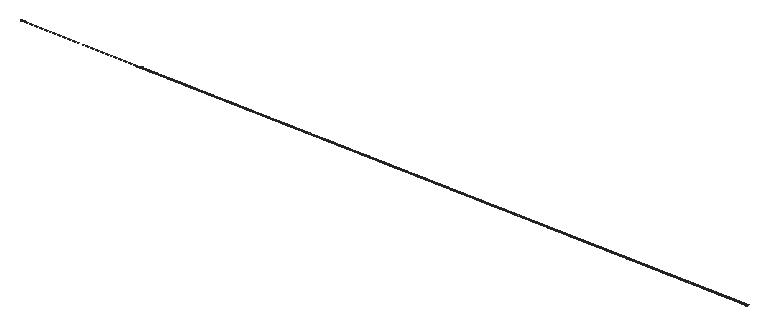
Revit family "Flex Pro IP20_0068183-86", category Lighting Fixtures, host Face, Revit 2017 (continued)
Forms (mm)
  Extrusion 52, solid
    sketch origin (4396.767, 0, 0) x (1, 0, 0) y (0, 1, 0)
      loop
        line (96.9, -1.7) -> (96.9, 1.7) -> (94.1, 1.7) -> (94.1, -1.7) -> (96.9, -1.7)
    from -1.2 to 0
  Extrusion 53, solid
    sketch origin (4496.694, 0, 0) x (1, 0, 0) y (0, 1, 0)
      loop
        line (9.4, -1.7) -> (9.4, 1.7) -> (6.6, 1.7) -> (6.6, -1.7) -> (9.4, -1.7)
      loop
        line (19.1, 1.7) -> (19.1, -1.7) -> (21.9, -1.7) -> (21.9, 1.7) -> (19.1, 1.7)
      loop
        line (34.4, -1.7) -> (34.4, 1.7) -> (31.6, 1.7) -> (31.6, -1.7) -> (34.4, -1.7)
      loop
        line (46.9, -1.7) -> (46.9, 1.7) -> (44.1, 1.7) -> (44.1, -1.7) -> (46.9, -1.7)
      loop
        line (59.4, -1.7) -> (59.4, 1.7) -> (56.6, 1.7) -> (56.6, -1.7) -> (59.4, -1.7)
      loop
        line (71.9, -1.7) -> (71.9, 1.7) -> (69.1, 1.7) -> (69.1, -1.7) -> (71.9, -1.7)
      loop
        line (84.4, -1.7) -> (84.4, 1.7) -> (81.6, 1.7) -> (81.6, -1.7) -> (84.4, -1.7)
      loop
        line (96.9, -1.7) -> (96.9, 1.7) -> (94.1, 1.7) -> (94.1, -1.7) -> (96.9, -1.7)
    from -1.2 to 0
  Extrusion 54, solid
    sketch origin (4596.62, 0, 0) x (1, 0, 0) y (0, 1, 0)
      loop
        line (9.4, -1.7) -> (9.4, 1.7) -> (6.6, 1.7) -> (6.6, -1.7) -> (9.4, -1.7)
      loop
        line (19.1, 1.7) -> (19.1, -1.7) -> (21.9, -1.7) -> (21.9, 1.7) -> (19.1, 1.7)
      loop
        line (34.4, -1.7) -> (34.4, 1.7) -> (31.6, 1.7) -> (31.6, -1.7) -> (34.4, -1.7)
      loop
        line (46.9, -1.7) -> (46.9, 1.7) -> (44.1, 1.7) -> (44.1, -1.7) -> (46.9, -1.7)
      loop
        line (59.4, -1.7) -> (59.4, 1.7) -> (56.6, 1.7) -> (56.6, -1.7) -> (59.4, -1.7)
      loop
        line (71.9, -1.7) -> (71.9, 1.7) -> (69.1, 1.7) -> (69.1, -1.7) -> (71.9, -1.7)
      loop
        line (84.4, -1.7) -> (84.4, 1.7) -> (81.6, 1.7) -> (81.6, -1.7) -> (84.4, -1.7)
      loop
        line (96.9, -1.7) -> (96.9, 1.7) -> (94.1, 1.7) -> (94.1, -1.7) -> (96.9, -1.7)
    from -1.2 to 0
  Extrusion 55, solid
    sketch origin (4696.547, 0, 0) x (1, 0, 0) y (0, 1, 0)
      loop
        line (9.4, -1.7) -> (9.4, 1.7) -> (6.6, 1.7) -> (6.6, -1.7) -> (9.4, -1.7)
      loop
        line (19.1, 1.7) -> (19.1, -1.7) -> (21.9, -1.7) -> (21.9, 1.7) -> (19.1, 1.7)
      loop
        line (34.4, -1.7) -> (34.4, 1.7) -> (31.6, 1.7) -> (31.6, -1.7) -> (34.4, -1.7)
      loop
        line (46.9, -1.7) -> (46.9, 1.7) -> (44.1, 1.7) -> (44.1, -1.7) -> (46.9, -1.7)
      loop
        line (59.4, -1.7) -> (59.4, 1.7) -> (56.6, 1.7) -> (56.6, -1.7) -> (59.4, -1.7)
      loop
        line (71.9, -1.7) -> (71.9, 1.7) -> (69.1, 1.7) -> (69.1, -1.7) -> (71.9, -1.7)
      loop
        line (84.4, -1.7) -> (84.4, 1.7) -> (81.6, 1.7) -> (81.6, -1.7) -> (84.4, -1.7)
      loop
        line (96.9, -1.7) -> (96.9, 1.7) -> (94.1, 1.7) -> (94.1, -1.7) -> (96.9, -1.7)
    from -1.2 to 0
  Extrusion 56, solid
    sketch origin (4796.473, 0, 0) x (1, 0, 0) y (0, 1, 0)
      loop
        line (9.4, -1.7) -> (9.4, 1.7) -> (6.6, 1.7) -> (6.6, -1.7) -> (9.4, -1.7)
      loop
        line (19.1, 1.7) -> (19.1, -1.7) -> (21.9, -1.7) -> (21.9, 1.7) -> (19.1, 1.7)
      loop
        line (34.4, -1.7) -> (34.4, 1.7) -> (31.6, 1.7) -> (31.6, -1.7) -> (34.4, -1.7)
      loop
        line (46.9, -1.7) -> (46.9, 1.7) -> (44.1, 1.7) -> (44.1, -1.7) -> (46.9, -1.7)
      loop
        line (59.4, -1.7) -> (59.4, 1.7) -> (56.6, 1.7) -> (56.6, -1.7) -> (59.4, -1.7)
      loop
        line (71.9, -1.7) -> (71.9, 1.7) -> (69.1, 1.7) -> (69.1, -1.7) -> (71.9, -1.7)
      loop
        line (84.4, -1.7) -> (84.4, 1.7) -> (81.6, 1.7) -> (81.6, -1.7) -> (84.4, -1.7)
      loop
        line (96.9, -1.7) -> (96.9, 1.7) -> (94.1, 1.7) -> (94.1, -1.7) -> (96.9, -1.7)
    from -1.2 to 0
  Extrusion 57, solid
    sketch origin (4896.4, 0, 0) x (1, 0, 0) y (0, 1, 0)
      loop
        line (52.9, -1.5) -> (52.9, 1.5) -> (50.6, 1.5) -> (50.6, -1.5) -> (52.9, -1.5)
    from -1.2 to -0.5
  Extrusion 58, solid
    sketch origin (99.927, 0, 0) x (1, 0, 0) y (0, 1, 0)
      loop
        line (52.9, -1.5) -> (52.9, 1.5) -> (50.6, 1.5) -> (50.6, -1.5) -> (52.9, -1.5)
    from -1.2 to -0.5
  Extrusion 59, solid
    sketch origin (199.853, 0, 0) x (1, 0, 0) y (0, 1, 0)
      loop
        line (52.9, -1.5) -> (52.9, 1.5) -> (50.6, 1.5) -> (50.6, -1.5) -> (52.9, -1.5)
    from -1.2 to -0.5
  Extrusion 60, solid
    sketch origin (299.78, 0, 0) x (1, 0, 0) y (0, 1, 0)
      loop
        line (52.9, -1.5) -> (52.9, 1.5) -> (50.6, 1.5) -> (50.6, -1.5) -> (52.9, -1.5)
    from -1.2 to -0.5
  Extrusion 61, solid
    sketch origin (399.706, 0, 0) x (1, 0, 0) y (0, 1, 0)
      loop
        line (52.9, -1.5) -> (52.9, 1.5) -> (50.6, 1.5) -> (50.6, -1.5) -> (52.9, -1.5)
    from -1.2 to -0.5
  Extrusion 62, solid
    sketch origin (499.633, 0, 0) x (1, 0, 0) y (0, 1, 0)
      loop
        line (52.9, -1.5) -> (52.9, 1.5) -> (50.6, 1.5) -> (50.6, -1.5) -> (52.9, -1.5)
    from -1.2 to -0.5
  Extrusion 63, solid
    sketch origin (599.559, 0, 0) x (1, 0, 0) y (0, 1, 0)
      loop
        line (52.9, -1.5) -> (52.9, 1.5) -> (50.6, 1.5) -> (50.6, -1.5) -> (52.9, -1.5)
    from -1.2 to -0.5
  Extrusion 64, solid
    sketch origin (699.486, 0, 0) x (1, 0, 0) y (0, 1, 0)
      loop
        line (52.9, -1.5) -> (52.9, 1.5) -> (50.6, 1.5) -> (50.6, -1.5) -> (52.9, -1.5)
    from -1.2 to -0.5
  Extrusion 65, solid
    sketch origin (799.412, 0, 0) x (1, 0, 0) y (0, 1, 0)
      loop
        line (52.9, -1.5) -> (52.9, 1.5) -> (50.6, 1.5) -> (50.6, -1.5) -> (52.9, -1.5)
    from -1.2 to -0.5
  Extrusion 66, solid
    sketch origin (899.339, 0, 0) x (1, 0, 0) y (0, 1, 0)
      loop
        line (52.9, -1.5) -> (52.9, 1.5) -> (50.6, 1.5) -> (50.6, -1.5) -> (52.9, -1.5)
    from -1.2 to -0.5
  Extrusion 67, solid
    sketch origin (999.265, 0, 0) x (1, 0, 0) y (0, 1, 0)
      loop
        line (52.9, -1.5) -> (52.9, 1.5) -> (50.6, 1.5) -> (50.6, -1.5) -> (52.9, -1.5)
    from -1.2 to -0.5
  Extrusion 68, solid
    sketch origin (1099.192, 0, 0) x (1, 0, 0) y (0, 1, 0)
      loop
        line (52.9, -1.5) -> (52.9, 1.5) -> (50.6, 1.5) -> (50.6, -1.5) -> (52.9, -1.5)
    from -1.2 to -0.5
  Extrusion 69, solid
    sketch origin (1199.118, 0, 0) x (1, 0, 0) y (0, 1, 0)
      loop
        line (52.9, -1.5) -> (52.9, 1.5) -> (50.6, 1.5) -> (50.6, -1.5) -> (52.9, -1.5)
    from -1.2 to -0.5
  Extrusion 70, solid
    sketch origin (1299.045, 0, 0) x (1, 0, 0) y (0, 1, 0)
      loop
        line (52.9, -1.5) -> (52.9, 1.5) -> (50.6, 1.5) -> (50.6, -1.5) -> (52.9, -1.5)
    from -1.2 to -0.5
  Extrusion 71, solid
    sketch origin (1398.971, 0, 0) x (1, 0, 0) y (0, 1, 0)
      loop
        line (52.9, -1.5) -> (52.9, 1.5) -> (50.6, 1.5) -> (50.6, -1.5) -> (52.9, -1.5)
    from -1.2 to -0.5
  Extrusion 72, solid
    sketch origin (1498.898, 0, 0) x (1, 0, 0) y (0, 1, 0)
      loop
        line (52.9, -1.5) -> (52.9, 1.5) -> (50.6, 1.5) -> (50.6, -1.5) -> (52.9, -1.5)
    from -1.2 to -0.5
  Extrusion 73, solid
    sketch origin (1598.824, 0, 0) x (1, 0, 0) y (0, 1, 0)
      loop
        line (52.9, -1.5) -> (52.9, 1.5) -> (50.6, 1.5) -> (50.6, -1.5) -> (52.9, -1.5)
    from -1.2 to -0.5
  Extrusion 74, solid
    sketch origin (1698.751, 0, 0) x (1, 0, 0) y (0, 1, 0)
      loop
        line (52.9, -1.5) -> (52.9, 1.5) -> (50.6, 1.5) -> (50.6, -1.5) -> (52.9, -1.5)
    from -1.2 to -0.5
  Extrusion 75, solid
    sketch origin (1798.678, 0, 0) x (1, 0, 0) y (0, 1, 0)
      loop
        line (52.9, -1.5) -> (52.9, 1.5) -> (50.6, 1.5) -> (50.6, -1.5) -> (52.9, -1.5)
    from -1.2 to -0.5
  Extrusion 76, solid
    sketch origin (1898.604, 0, 0) x (1, 0, 0) y (0, 1, 0)
      loop
        line (52.9, -1.5) -> (52.9, 1.5) -> (50.6, 1.5) -> (50.6, -1.5) -> (52.9, -1.5)
    from -1.2 to -0.5
  Extrusion 77, solid
    sketch origin (1998.531, 0, 0) x (1, 0, 0) y (0, 1, 0)
      loop
        line (52.9, -1.5) -> (52.9, 1.5) -> (50.6, 1.5) -> (50.6, -1.5) -> (52.9, -1.5)
    from -1.2 to -0.5
  Extrusion 78, solid
    sketch origin (2098.457, 0, 0) x (1, 0, 0) y (0, 1, 0)
      loop
        line (52.9, -1.5) -> (52.9, 1.5) -> (50.6, 1.5) -> (50.6, -1.5) -> (52.9, -1.5)
    from -1.2 to -0.5
  Extrusion 79, solid
    sketch origin (2198.384, 0, 0) x (1, 0, 0) y (0, 1, 0)
      loop
        line (52.9, -1.5) -> (52.9, 1.5) -> (50.6, 1.5) -> (50.6, -1.5) -> (52.9, -1.5)
    from -1.2 to -0.5
  Extrusion 80, solid
    sketch origin (2298.31, 0, 0) x (1, 0, 0) y (0, 1, 0)
      loop
        line (52.9, -1.5) -> (52.9, 1.5) -> (50.6, 1.5) -> (50.6, -1.5) -> (52.9, -1.5)
    from -1.2 to -0.5
  Extrusion 81, solid
    sketch origin (2398.237, 0, 0) x (1, 0, 0) y (0, 1, 0)
      loop
        line (52.9, -1.5) -> (52.9, 1.5) -> (50.6, 1.5) -> (50.6, -1.5) -> (52.9, -1.5)
    from -1.2 to -0.5
  Extrusion 82, solid
    sketch origin (2498.163, 0, 0) x (1, 0, 0) y (0, 1, 0)
      loop
        line (52.9, -1.5) -> (52.9, 1.5) -> (50.6, 1.5) -> (50.6, -1.5) -> (52.9, -1.5)
    from -1.2 to -0.5
  Extrusion 83, solid
    sketch origin (2598.09, 0, 0) x (1, 0, 0) y (0, 1, 0)
      loop
        line (52.9, -1.5) -> (52.9, 1.5) -> (50.6, 1.5) -> (50.6, -1.5) -> (52.9, -1.5)
    from -1.2 to -0.5
  Extrusion 84, solid
    sketch origin (2698.016, 0, 0) x (1, 0, 0) y (0, 1, 0)
      loop
        line (52.9, -1.5) -> (52.9, 1.5) -> (50.6, 1.5) -> (50.6, -1.5) -> (52.9, -1.5)
    from -1.2 to -0.5
  Extrusion 85, solid
    sketch origin (2797.943, 0, 0) x (1, 0, 0) y (0, 1, 0)
      loop
        line (52.9, -1.5) -> (52.9, 1.5) -> (50.6, 1.5) -> (50.6, -1.5) -> (52.9, -1.5)
    from -1.2 to -0.5
  Extrusion 86, solid
    sketch origin (2897.869, 0, 0) x (1, 0, 0) y (0, 1, 0)
      loop
        line (52.9, -1.5) -> (52.9, 1.5) -> (50.6, 1.5) -> (50.6, -1.5) -> (52.9, -1.5)
    from -1.2 to -0.5
  Extrusion 87, solid
    sketch origin (2997.796, 0, 0) x (1, 0, 0) y (0, 1, 0)
      loop
        line (52.9, -1.5) -> (52.9, 1.5) -> (50.6, 1.5) -> (50.6, -1.5) -> (52.9, -1.5)
    from -1.2 to -0.5
  Extrusion 88, solid
    sketch origin (3097.722, 0, 0) x (1, 0, 0) y (0, 1, 0)
      loop
        line (52.9, -1.5) -> (52.9, 1.5) -> (50.6, 1.5) -> (50.6, -1.5) -> (52.9, -1.5)
    from -1.2 to -0.5
  Extrusion 89, solid
    sketch origin (3197.649, 0, 0) x (1, 0, 0) y (0, 1, 0)
      loop
        line (52.9, -1.5) -> (52.9, 1.5) -> (50.6, 1.5) -> (50.6, -1.5) -> (52.9, -1.5)
    from -1.2 to -0.5
  Extrusion 90, solid
    sketch origin (3297.576, 0, 0) x (1, 0, 0) y (0, 1, 0)
      loop
        line (52.9, -1.5) -> (52.9, 1.5) -> (50.6, 1.5) -> (50.6, -1.5) -> (52.9, -1.5)
    from -1.2 to -0.5
  Extrusion 91, solid
    sketch origin (3397.502, 0, 0) x (1, 0, 0) y (0, 1, 0)
      loop
        line (52.9, -1.5) -> (52.9, 1.5) -> (50.6, 1.5) -> (50.6, -1.5) -> (52.9, -1.5)
    from -1.2 to -0.5
  Extrusion 92, solid
    sketch origin (3497.429, 0, 0) x (1, 0, 0) y (0, 1, 0)
      loop
        line (52.9, -1.5) -> (52.9, 1.5) -> (50.6, 1.5) -> (50.6, -1.5) -> (52.9, -1.5)
    from -1.2 to -0.5
  Extrusion 93, solid
    sketch origin (3597.355, 0, 0) x (1, 0, 0) y (0, 1, 0)
      loop
        line (52.9, -1.5) -> (52.9, 1.5) -> (50.6, 1.5) -> (50.6, -1.5) -> (52.9, -1.5)
    from -1.2 to -0.5
  Extrusion 94, solid
    sketch origin (3697.282, 0, 0) x (1, 0, 0) y (0, 1, 0)
      loop
        line (52.9, -1.5) -> (52.9, 1.5) -> (50.6, 1.5) -> (50.6, -1.5) -> (52.9, -1.5)
    from -1.2 to -0.5
  Extrusion 95, solid
    sketch origin (3797.208, 0, 0) x (1, 0, 0) y (0, 1, 0)
      loop
        line (52.9, -1.5) -> (52.9, 1.5) -> (50.6, 1.5) -> (50.6, -1.5) -> (52.9, -1.5)
    from -1.2 to -0.5
  Extrusion 96, solid
    sketch origin (3897.135, 0, 0) x (1, 0, 0) y (0, 1, 0)
      loop
        line (52.9, -1.5) -> (52.9, 1.5) -> (50.6, 1.5) -> (50.6, -1.5) -> (52.9, -1.5)
    from -1.2 to -0.5
  Extrusion 97, solid
    sketch origin (3997.061, 0, 0) x (1, 0, 0) y (0, 1, 0)
      loop
        line (52.9, -1.5) -> (52.9, 1.5) -> (50.6, 1.5) -> (50.6, -1.5) -> (52.9, -1.5)
    from -1.2 to -0.5
  Extrusion 98, solid
    sketch origin (4096.988, 0, 0) x (1, 0, 0) y (0, 1, 0)
      loop
        line (52.9, -1.5) -> (52.9, 1.5) -> (50.6, 1.5) -> (50.6, -1.5) -> (52.9, -1.5)
    from -1.2 to -0.5
  Extrusion 99, solid
    sketch origin (4196.914, 0, 0) x (1, 0, 0) y (0, 1, 0)
      loop
        line (52.9, -1.5) -> (52.9, 1.5) -> (50.6, 1.5) -> (50.6, -1.5) -> (52.9, -1.5)
    from -1.2 to -0.5
  Extrusion 100, solid
    sketch origin (4296.841, 0, 0) x (1, 0, 0) y (0, 1, 0)
      loop
        line (52.9, -1.5) -> (52.9, 1.5) -> (50.6, 1.5) -> (50.6, -1.5) -> (52.9, -1.5)
    from -1.2 to -0.5
  Extrusion 101, solid
    sketch origin (4396.767, 0, 0) x (1, 0, 0) y (0, 1, 0)
      loop
        line (52.9, -1.5) -> (52.9, 1.5) -> (50.6, 1.5) -> (50.6, -1.5) -> (52.9, -1.5)
    from -1.2 to -0.5
  Extrusion 102, solid
    sketch origin (4496.694, 0, 0) x (1, 0, 0) y (0, 1, 0)
      loop
        line (52.9, -1.5) -> (52.9, 1.5) -> (50.6, 1.5) -> (50.6, -1.5) -> (52.9, -1.5)
    from -1.2 to -0.5
  Extrusion 103, solid
    sketch origin (4596.62, 0, 0) x (1, 0, 0) y (0, 1, 0)
      loop
        line (52.9, -1.5) -> (52.9, 1.5) -> (50.6, 1.5) -> (50.6, -1.5) -> (52.9, -1.5)
    from -1.2 to -0.5
  Extrusion 104, solid
    sketch origin (4696.547, 0, 0) x (1, 0, 0) y (0, 1, 0)
      loop
        line (52.9, -1.5) -> (52.9, 1.5) -> (50.6, 1.5) -> (50.6, -1.5) -> (52.9, -1.5)
    from -1.2 to -0.5
  Extrusion 105, solid
    sketch origin (4796.473, 0, 0) x (1, 0, 0) y (0, 1, 0)
      loop
        line (52.9, -1.5) -> (52.9, 1.5) -> (50.6, 1.5) -> (50.6, -1.5) -> (52.9, -1.5)
    from -1.2 to -0.5
Dimensions and locks
  "CABLE_LENGHT_SYL": plane 8 to plane 3 "Center (Left/Right)"
  "CABLE_FIX_SYL": plane 3 "Center (Left/Right)" to plane 7
  "LUM_WIDTH_SYL": plane 6 to plane 1 "Center (Front/Back)" to plane 5
  "CABLE_BLEND_SYL": plane 9 to plane 3 "Center (Left/Right)"
  "CABLE_END_SYL": plane 8 to plane 10
  "LUM_LENGHT_SYL": plane 3 "Center (Left/Right)" to plane 4
  "CABLE_DIST_SYL": plane 12 to plane 1 "Center (Front/Back)" to plane 11
  "CABLE_DIST2_SYL": plane 13 to plane 5
  "CABLE_DIST2_SYL": plane 6 to plane 14
  "LED_CH_S_WIDTH_SYL": plane 18 to plane 1 "Center (Front/Back)" to plane 17
  "LED_CH_L_WIDTH_SYL": plane 16 to plane 1 "Center (Front/Back)" to plane 15
  "PHOTOMETRY1_SYL": imposter light to plane 4
  "PHOTOMETRY2_SYL": imposter light to Extrusion 1
  "LED_CH_L_DIST1_SYL": plane 3 "Center (Left/Right)" to plane 19  (x2)
  "LED_CH_L_DIST_SYL": plane 19 to plane 20 to plane 21 to plane 22 to plane 23 to plane 24 to plane 25 to plane 26
  "LED_CH_S_DEPTH1_SYL": plane 19 to plane 43
  "LED_CH_S_DEPTH2_SYL": plane 44 to plane 19
  equal spacing: group 1, group 3, group 4, group 5, group 6, group 7, group 8, group 9, group 10, group 11, group 12, group 13, group 14, group 15, group 16, group 17, group 18, group 19, group 20, group 21, group 22, group 23, group 24, group 25, group 26, group 27, group 28, group 29, group 30, group 31, group 32, group 33, group 34, group 35, group 36, group 37, group 38, group 39, group 40, group 41, group 42, group 43, group 44, group 45, group 46, group 47, group 48, group 49, group 50, group 2  (x3)
  equal spacing: group 51, group 53, group 54, group 55, group 56, group 57, group 58, group 59, group 60, group 61, group 62, group 63, group 64, group 65, group 66, group 67, group 68, group 69, group 70, group 71, group 72, group 73, group 74, group 75, group 76, group 77, group 78, group 79, group 80, group 81, group 82, group 83, group 84, group 85, group 86, group 87, group 88, group 89, group 90, group 91, group 92, group 93, group 94, group 95, group 96, group 97, group 98, group 99, group 100, group 52  (x3)
  aligned and locked: host face to plane 2
  aligned and locked: host face to level
  aligned and locked: Extrusion 1 sketch curve to plane 4
  aligned and locked: plane 3 "Center (Left/Right)" to Extrusion 1 sketch curve
  aligned and locked: Revolve 4 sketch curve to plane 11
  aligned and locked: Sweep 2 to Revolve 4 sketch curve
  aligned and locked: plane 8 to Revolve 4 sketch curve
  aligned and locked: Revolve 5 sketch curve to plane 12  (x2)
  aligned and locked: Revolve 5 sketch curve to Sweep 3
  aligned and locked: Revolve 5 sketch curve to plane 8
Automatic sketch dimensions
  plane 6 to Extrusion 1 sketch curve = 0 mm
  plane 5 to Extrusion 1 sketch curve = 0 mm
  Sweep 2 sketch curve to plane 10 = 0 mm
  Sweep 2 sketch curve to plane 9 = 0 mm
  Sweep 2 sketch curve to plane 3 "Center (Left/Right)" = 0 mm
  Sweep 2 sketch curve to plane 7 = 0 mm
  plane 11 to Sweep 2 sketch curve = 0 mm
  plane 13 to Sweep 2 sketch curve = 0 mm
  Sweep 3 sketch curve to plane 10 = 0 mm
  Sweep 3 sketch curve to plane 9 = 0 mm
  Sweep 3 sketch curve to plane 3 "Center (Left/Right)" = 0 mm
  Sweep 3 sketch curve to plane 7 = 0 mm
  plane 14 to Sweep 3 sketch curve = 0 mm
  plane 12 to Sweep 3 sketch curve = 0 mm
  level to Sweep 3 sketch curve = 0 mm
  Sweep 3 sketch curve to profile plane = 0 mm
  Sweep 2 sketch curve to level = 0 mm
  Sweep 2 sketch curve to profile plane = 0 mm
  host sketch curve to host sketch curve = 6451.645 mm
  host sketch curve to host sketch curve = 2438.4 mm
  plane 16 to Revolve 5 sketch curve = 0.723 mm
  Revolve 5 sketch curve to plane 8 = 1324 mm
  Revolve 4 sketch curve to plane 11 = 0 mm
  Revolve 4 sketch curve to plane 15 = 0.744 mm
  Revolve 4 sketch curve to plane 8 = 1324 mm
  plane 7 to Revolve 4 sketch curve = 1556.2 mm
  plane 7 to Revolve 5 sketch curve = 1556.2 mm
  Extrusion 6 sketch curve to Extrusion 6 sketch curve = 2.8 mm  (x8)
  Extrusion 6 sketch curve to Extrusion 6 sketch curve = 9.7 mm  (x7)
  Extrusion 6 sketch curve to Extrusion 6 sketch curve = 0 mm  (x7)
  Extrusion 6 sketch curve to Extrusion 6 sketch curve = 3.4 mm  (x8)
  Extrusion 8 sketch curve to Extrusion 8 sketch curve = 2.8 mm  (x8)
  Extrusion 8 sketch curve to Extrusion 8 sketch curve = 9.7 mm  (x7)
  Extrusion 8 sketch curve to Extrusion 8 sketch curve = 0 mm  (x7)
  Extrusion 8 sketch curve to Extrusion 8 sketch curve = 3.4 mm  (x8)
  Extrusion 9 sketch curve to Extrusion 9 sketch curve = 2.8 mm  (x8)
  Extrusion 9 sketch curve to Extrusion 9 sketch curve = 9.7 mm  (x7)
  Extrusion 9 sketch curve to Extrusion 9 sketch curve = 0 mm  (x7)
  Extrusion 9 sketch curve to Extrusion 9 sketch curve = 3.4 mm  (x8)
  Extrusion 10 sketch curve to Extrusion 10 sketch curve = 2.8 mm  (x8)
  Extrusion 10 sketch curve to Extrusion 10 sketch curve = 9.7 mm  (x7)
  Extrusion 10 sketch curve to Extrusion 10 sketch curve = 0 mm  (x7)
  Extrusion 10 sketch curve to Extrusion 10 sketch curve = 3.4 mm  (x8)
  Extrusion 11 sketch curve to Extrusion 11 sketch curve = 2.8 mm  (x8)
  Extrusion 11 sketch curve to Extrusion 11 sketch curve = 9.7 mm  (x7)
  Extrusion 11 sketch curve to Extrusion 11 sketch curve = 0 mm  (x7)
  Extrusion 11 sketch curve to Extrusion 11 sketch curve = 3.4 mm  (x8)
  Extrusion 12 sketch curve to Extrusion 12 sketch curve = 2.8 mm  (x8)
  Extrusion 12 sketch curve to Extrusion 12 sketch curve = 9.7 mm  (x7)
  Extrusion 12 sketch curve to Extrusion 12 sketch curve = 0 mm  (x7)
  Extrusion 12 sketch curve to Extrusion 12 sketch curve = 3.4 mm  (x8)
  Extrusion 13 sketch curve to Extrusion 13 sketch curve = 2.8 mm  (x8)
  Extrusion 13 sketch curve to Extrusion 13 sketch curve = 9.7 mm  (x7)
  Extrusion 13 sketch curve to Extrusion 13 sketch curve = 0 mm  (x7)
  Extrusion 13 sketch curve to Extrusion 13 sketch curve = 3.4 mm  (x8)
  Extrusion 14 sketch curve to Extrusion 14 sketch curve = 2.8 mm  (x8)
  Extrusion 14 sketch curve to Extrusion 14 sketch curve = 9.7 mm  (x7)
  Extrusion 14 sketch curve to Extrusion 14 sketch curve = 0 mm  (x7)
  Extrusion 14 sketch curve to Extrusion 14 sketch curve = 3.4 mm  (x8)
  Extrusion 15 sketch curve to Extrusion 15 sketch curve = 2.8 mm  (x8)
  Extrusion 15 sketch curve to Extrusion 15 sketch curve = 9.7 mm  (x7)
  Extrusion 15 sketch curve to Extrusion 15 sketch curve = 0 mm  (x7)
  Extrusion 15 sketch curve to Extrusion 15 sketch curve = 3.4 mm  (x8)
  Extrusion 16 sketch curve to Extrusion 16 sketch curve = 2.8 mm  (x8)
  Extrusion 16 sketch curve to Extrusion 16 sketch curve = 9.7 mm  (x7)
  Extrusion 16 sketch curve to Extrusion 16 sketch curve = 0 mm  (x7)
  Extrusion 16 sketch curve to Extrusion 16 sketch curve = 3.4 mm  (x8)
  Extrusion 17 sketch curve to Extrusion 17 sketch curve = 2.8 mm  (x8)
  Extrusion 17 sketch curve to Extrusion 17 sketch curve = 9.7 mm  (x7)
  Extrusion 17 sketch curve to Extrusion 17 sketch curve = 0 mm  (x7)
  Extrusion 17 sketch curve to Extrusion 17 sketch curve = 3.4 mm  (x8)
  Extrusion 18 sketch curve to Extrusion 18 sketch curve = 2.8 mm  (x8)
  Extrusion 18 sketch curve to Extrusion 18 sketch curve = 9.7 mm  (x7)
  Extrusion 18 sketch curve to Extrusion 18 sketch curve = 0 mm  (x7)
  Extrusion 18 sketch curve to Extrusion 18 sketch curve = 3.4 mm  (x8)
  Extrusion 19 sketch curve to Extrusion 19 sketch curve = 2.8 mm  (x8)
  Extrusion 19 sketch curve to Extrusion 19 sketch curve = 9.7 mm  (x7)
  Extrusion 19 sketch curve to Extrusion 19 sketch curve = 0 mm  (x7)
  Extrusion 19 sketch curve to Extrusion 19 sketch curve = 3.4 mm  (x8)
  Extrusion 20 sketch curve to Extrusion 20 sketch curve = 2.8 mm  (x8)
  Extrusion 20 sketch curve to Extrusion 20 sketch curve = 9.7 mm  (x7)
  Extrusion 20 sketch curve to Extrusion 20 sketch curve = 0 mm  (x7)
  Extrusion 20 sketch curve to Extrusion 20 sketch curve = 3.4 mm  (x8)
  Extrusion 21 sketch curve to Extrusion 21 sketch curve = 2.8 mm  (x8)
  Extrusion 21 sketch curve to Extrusion 21 sketch curve = 9.7 mm  (x7)
  Extrusion 21 sketch curve to Extrusion 21 sketch curve = 0 mm  (x7)
  Extrusion 21 sketch curve to Extrusion 21 sketch curve = 3.4 mm  (x8)
  Extrusion 22 sketch curve to Extrusion 22 sketch curve = 2.8 mm  (x8)
  Extrusion 22 sketch curve to Extrusion 22 sketch curve = 9.7 mm  (x7)
  Extrusion 22 sketch curve to Extrusion 22 sketch curve = 0 mm  (x7)
  Extrusion 22 sketch curve to Extrusion 22 sketch curve = 3.4 mm  (x8)
  Extrusion 23 sketch curve to Extrusion 23 sketch curve = 2.8 mm  (x8)
  Extrusion 23 sketch curve to Extrusion 23 sketch curve = 9.7 mm  (x7)
  Extrusion 23 sketch curve to Extrusion 23 sketch curve = 0 mm  (x7)
  Extrusion 23 sketch curve to Extrusion 23 sketch curve = 3.4 mm  (x8)
  Extrusion 24 sketch curve to Extrusion 24 sketch curve = 2.8 mm  (x8)
  Extrusion 24 sketch curve to Extrusion 24 sketch curve = 9.7 mm  (x7)
  Extrusion 24 sketch curve to Extrusion 24 sketch curve = 0 mm  (x7)
  Extrusion 24 sketch curve to Extrusion 24 sketch curve = 3.4 mm  (x8)
  Extrusion 25 sketch curve to Extrusion 25 sketch curve = 2.8 mm  (x8)
  Extrusion 25 sketch curve to Extrusion 25 sketch curve = 9.7 mm  (x7)
  Extrusion 25 sketch curve to Extrusion 25 sketch curve = 0 mm  (x7)
  Extrusion 25 sketch curve to Extrusion 25 sketch curve = 3.4 mm  (x8)
  Extrusion 26 sketch curve to Extrusion 26 sketch curve = 2.8 mm  (x8)
  Extrusion 26 sketch curve to Extrusion 26 sketch curve = 9.7 mm  (x7)
  Extrusion 26 sketch curve to Extrusion 26 sketch curve = 0 mm  (x7)
  Extrusion 26 sketch curve to Extrusion 26 sketch curve = 3.4 mm  (x8)
  Extrusion 27 sketch curve to Extrusion 27 sketch curve = 2.8 mm  (x8)
  Extrusion 27 sketch curve to Extrusion 27 sketch curve = 9.7 mm  (x7)
  Extrusion 27 sketch curve to Extrusion 27 sketch curve = 0 mm  (x7)
  Extrusion 27 sketch curve to Extrusion 27 sketch curve = 3.4 mm  (x8)
  Extrusion 28 sketch curve to Extrusion 28 sketch curve = 2.8 mm  (x8)
  Extrusion 28 sketch curve to Extrusion 28 sketch curve = 9.7 mm  (x7)
  Extrusion 28 sketch curve to Extrusion 28 sketch curve = 0 mm  (x7)
  Extrusion 28 sketch curve to Extrusion 28 sketch curve = 3.4 mm  (x8)
  Extrusion 29 sketch curve to Extrusion 29 sketch curve = 2.8 mm  (x8)
  Extrusion 29 sketch curve to Extrusion 29 sketch curve = 9.7 mm  (x7)
  Extrusion 29 sketch curve to Extrusion 29 sketch curve = 0 mm  (x7)
  Extrusion 29 sketch curve to Extrusion 29 sketch curve = 3.4 mm  (x8)
  Extrusion 30 sketch curve to Extrusion 30 sketch curve = 2.8 mm  (x8)
  Extrusion 30 sketch curve to Extrusion 30 sketch curve = 9.7 mm  (x7)
  Extrusion 30 sketch curve to Extrusion 30 sketch curve = 0 mm  (x7)
  Extrusion 30 sketch curve to Extrusion 30 sketch curve = 3.4 mm  (x8)
  Extrusion 31 sketch curve to Extrusion 31 sketch curve = 2.8 mm  (x8)
  Extrusion 31 sketch curve to Extrusion 31 sketch curve = 9.7 mm  (x7)
  Extrusion 31 sketch curve to Extrusion 31 sketch curve = 0 mm  (x7)
  Extrusion 31 sketch curve to Extrusion 31 sketch curve = 3.4 mm  (x8)
  Extrusion 32 sketch curve to Extrusion 32 sketch curve = 2.8 mm  (x8)
  Extrusion 32 sketch curve to Extrusion 32 sketch curve = 9.7 mm  (x7)
  Extrusion 32 sketch curve to Extrusion 32 sketch curve = 0 mm  (x7)
  Extrusion 32 sketch curve to Extrusion 32 sketch curve = 3.4 mm  (x8)
  Extrusion 33 sketch curve to Extrusion 33 sketch curve = 2.8 mm  (x8)
  Extrusion 33 sketch curve to Extrusion 33 sketch curve = 9.7 mm  (x7)
  Extrusion 33 sketch curve to Extrusion 33 sketch curve = 0 mm  (x7)
  Extrusion 33 sketch curve to Extrusion 33 sketch curve = 3.4 mm  (x8)
  Extrusion 34 sketch curve to Extrusion 34 sketch curve = 2.8 mm  (x8)
  Extrusion 34 sketch curve to Extrusion 34 sketch curve = 9.7 mm  (x7)
  Extrusion 34 sketch curve to Extrusion 34 sketch curve = 0 mm  (x7)
  Extrusion 34 sketch curve to Extrusion 34 sketch curve = 3.4 mm  (x8)
  Extrusion 35 sketch curve to Extrusion 35 sketch curve = 2.8 mm  (x8)
  Extrusion 35 sketch curve to Extrusion 35 sketch curve = 9.7 mm  (x7)
  Extrusion 35 sketch curve to Extrusion 35 sketch curve = 0 mm  (x7)
  Extrusion 35 sketch curve to Extrusion 35 sketch curve = 3.4 mm  (x8)
  Extrusion 36 sketch curve to Extrusion 36 sketch curve = 2.8 mm  (x8)
  Extrusion 36 sketch curve to Extrusion 36 sketch curve = 9.7 mm  (x7)
  Extrusion 36 sketch curve to Extrusion 36 sketch curve = 0 mm  (x7)
  Extrusion 36 sketch curve to Extrusion 36 sketch curve = 3.4 mm  (x8)
  Extrusion 37 sketch curve to Extrusion 37 sketch curve = 2.8 mm  (x8)
  Extrusion 37 sketch curve to Extrusion 37 sketch curve = 9.7 mm  (x7)
  Extrusion 37 sketch curve to Extrusion 37 sketch curve = 0 mm  (x7)
  Extrusion 37 sketch curve to Extrusion 37 sketch curve = 3.4 mm  (x8)
  Extrusion 38 sketch curve to Extrusion 38 sketch curve = 2.8 mm  (x8)
  Extrusion 38 sketch curve to Extrusion 38 sketch curve = 9.7 mm  (x7)
  Extrusion 38 sketch curve to Extrusion 38 sketch curve = 0 mm  (x7)
  Extrusion 38 sketch curve to Extrusion 38 sketch curve = 3.4 mm  (x8)
  Extrusion 39 sketch curve to Extrusion 39 sketch curve = 2.8 mm  (x8)
  Extrusion 39 sketch curve to Extrusion 39 sketch curve = 9.7 mm  (x7)
  Extrusion 39 sketch curve to Extrusion 39 sketch curve = 0 mm  (x7)
  Extrusion 39 sketch curve to Extrusion 39 sketch curve = 3.4 mm  (x8)
  Extrusion 40 sketch curve to Extrusion 40 sketch curve = 2.8 mm  (x8)
  Extrusion 40 sketch curve to Extrusion 40 sketch curve = 9.7 mm  (x7)
  Extrusion 40 sketch curve to Extrusion 40 sketch curve = 0 mm  (x7)
  Extrusion 40 sketch curve to Extrusion 40 sketch curve = 3.4 mm  (x8)
  Extrusion 41 sketch curve to Extrusion 41 sketch curve = 2.8 mm  (x8)
  Extrusion 41 sketch curve to Extrusion 41 sketch curve = 9.7 mm  (x7)
  Extrusion 41 sketch curve to Extrusion 41 sketch curve = 0 mm  (x7)
  Extrusion 41 sketch curve to Extrusion 41 sketch curve = 3.4 mm  (x8)
  Extrusion 42 sketch curve to Extrusion 42 sketch curve = 2.8 mm  (x8)
  Extrusion 42 sketch curve to Extrusion 42 sketch curve = 9.7 mm  (x7)
  Extrusion 42 sketch curve to Extrusion 42 sketch curve = 0 mm  (x7)
  Extrusion 42 sketch curve to Extrusion 42 sketch curve = 3.4 mm  (x8)
  Extrusion 43 sketch curve to Extrusion 43 sketch curve = 2.8 mm  (x8)
  Extrusion 43 sketch curve to Extrusion 43 sketch curve = 9.7 mm  (x7)
  Extrusion 43 sketch curve to Extrusion 43 sketch curve = 0 mm  (x7)
  Extrusion 43 sketch curve to Extrusion 43 sketch curve = 3.4 mm  (x8)
  Extrusion 44 sketch curve to Extrusion 44 sketch curve = 2.8 mm  (x8)
  Extrusion 44 sketch curve to Extrusion 44 sketch curve = 9.7 mm  (x7)
  Extrusion 44 sketch curve to Extrusion 44 sketch curve = 0 mm  (x7)
  Extrusion 44 sketch curve to Extrusion 44 sketch curve = 3.4 mm  (x8)
  Extrusion 45 sketch curve to Extrusion 45 sketch curve = 2.8 mm  (x8)
  Extrusion 45 sketch curve to Extrusion 45 sketch curve = 9.7 mm  (x7)
  Extrusion 45 sketch curve to Extrusion 45 sketch curve = 0 mm  (x7)
  Extrusion 45 sketch curve to Extrusion 45 sketch curve = 3.4 mm  (x8)
  Extrusion 46 sketch curve to Extrusion 46 sketch curve = 2.8 mm  (x8)
  Extrusion 46 sketch curve to Extrusion 46 sketch curve = 9.7 mm  (x7)
  Extrusion 46 sketch curve to Extrusion 46 sketch curve = 0 mm  (x7)
  Extrusion 46 sketch curve to Extrusion 46 sketch curve = 3.4 mm  (x8)
  Extrusion 47 sketch curve to Extrusion 47 sketch curve = 2.8 mm  (x8)
  Extrusion 47 sketch curve to Extrusion 47 sketch curve = 9.7 mm  (x7)
  Extrusion 47 sketch curve to Extrusion 47 sketch curve = 0 mm  (x7)
  Extrusion 47 sketch curve to Extrusion 47 sketch curve = 3.4 mm  (x8)
  Extrusion 48 sketch curve to Extrusion 48 sketch curve = 2.8 mm  (x8)
  Extrusion 48 sketch curve to Extrusion 48 sketch curve = 9.7 mm  (x7)
  Extrusion 48 sketch curve to Extrusion 48 sketch curve = 0 mm  (x7)
  Extrusion 48 sketch curve to Extrusion 48 sketch curve = 3.4 mm  (x8)
  Extrusion 49 sketch curve to Extrusion 49 sketch curve = 2.8 mm  (x8)
  Extrusion 49 sketch curve to Extrusion 49 sketch curve = 9.7 mm  (x7)
  Extrusion 49 sketch curve to Extrusion 49 sketch curve = 0 mm  (x7)
  Extrusion 49 sketch curve to Extrusion 49 sketch curve = 3.4 mm  (x8)
  Extrusion 50 sketch curve to Extrusion 50 sketch curve = 2.8 mm  (x8)
  Extrusion 50 sketch curve to Extrusion 50 sketch curve = 9.7 mm  (x7)
  Extrusion 50 sketch curve to Extrusion 50 sketch curve = 0 mm  (x7)
  Extrusion 50 sketch curve to Extrusion 50 sketch curve = 3.4 mm  (x8)
  Extrusion 51 sketch curve to Extrusion 51 sketch curve = 2.8 mm  (x8)
  Extrusion 51 sketch curve to Extrusion 51 sketch curve = 9.7 mm  (x7)
  Extrusion 51 sketch curve to Extrusion 51 sketch curve = 0 mm  (x7)
  Extrusion 51 sketch curve to Extrusion 51 sketch curve = 3.4 mm  (x8)
  Extrusion 52 sketch curve to Extrusion 52 sketch curve = 2.8 mm  (x8)
  Extrusion 52 sketch curve to Extrusion 52 sketch curve = 9.7 mm  (x7)
  Extrusion 52 sketch curve to Extrusion 52 sketch curve = 0 mm  (x7)
  Extrusion 52 sketch curve to Extrusion 52 sketch curve = 3.4 mm  (x8)
  Extrusion 53 sketch curve to Extrusion 53 sketch curve = 2.8 mm  (x8)
  Extrusion 53 sketch curve to Extrusion 53 sketch curve = 9.7 mm  (x7)
  Extrusion 53 sketch curve to Extrusion 53 sketch curve = 0 mm  (x7)
  Extrusion 53 sketch curve to Extrusion 53 sketch curve = 3.4 mm  (x8)
  Extrusion 54 sketch curve to Extrusion 54 sketch curve = 2.8 mm  (x8)
  Extrusion 54 sketch curve to Extrusion 54 sketch curve = 9.7 mm  (x7)
  Extrusion 54 sketch curve to Extrusion 54 sketch curve = 0 mm  (x7)
  Extrusion 54 sketch curve to Extrusion 54 sketch curve = 3.4 mm  (x8)
  Extrusion 55 sketch curve to Extrusion 55 sketch curve = 2.8 mm  (x8)
  Extrusion 55 sketch curve to Extrusion 55 sketch curve = 9.7 mm  (x7)
  Extrusion 55 sketch curve to Extrusion 55 sketch curve = 0 mm  (x7)
  Extrusion 55 sketch curve to Extrusion 55 sketch curve = 3.4 mm  (x8)
  Extrusion 56 sketch curve to Extrusion 56 sketch curve = 2.8 mm  (x8)
  Extrusion 56 sketch curve to Extrusion 56 sketch curve = 9.7 mm  (x7)
  Extrusion 56 sketch curve to Extrusion 56 sketch curve = 0 mm  (x7)
  Extrusion 56 sketch curve to Extrusion 56 sketch curve = 3.4 mm  (x8)
  Extrusion 7 sketch curve to Extrusion 7 sketch curve = 2.3 mm
  Extrusion 7 sketch curve to Extrusion 7 sketch curve = 3 mm
  Extrusion 57 sketch curve to Extrusion 57 sketch curve = 2.3 mm
  Extrusion 57 sketch curve to Extrusion 57 sketch curve = 3 mm
  Extrusion 58 sketch curve to Extrusion 58 sketch curve = 2.3 mm
  Extrusion 58 sketch curve to Extrusion 58 sketch curve = 3 mm
  Extrusion 59 sketch curve to Extrusion 59 sketch curve = 2.3 mm
  Extrusion 59 sketch curve to Extrusion 59 sketch curve = 3 mm
  Extrusion 60 sketch curve to Extrusion 60 sketch curve = 2.3 mm
  Extrusion 60 sketch curve to Extrusion 60 sketch curve = 3 mm
  Extrusion 61 sketch curve to Extrusion 61 sketch curve = 2.3 mm
  Extrusion 61 sketch curve to Extrusion 61 sketch curve = 3 mm
  Extrusion 62 sketch curve to Extrusion 62 sketch curve = 2.3 mm
  Extrusion 62 sketch curve to Extrusion 62 sketch curve = 3 mm
  Extrusion 63 sketch curve to Extrusion 63 sketch curve = 2.3 mm
  Extrusion 63 sketch curve to Extrusion 63 sketch curve = 3 mm
  Extrusion 64 sketch curve to Extrusion 64 sketch curve = 2.3 mm
  Extrusion 64 sketch curve to Extrusion 64 sketch curve = 3 mm
  Extrusion 65 sketch curve to Extrusion 65 sketch curve = 2.3 mm
  Extrusion 65 sketch curve to Extrusion 65 sketch curve = 3 mm
  Extrusion 66 sketch curve to Extrusion 66 sketch curve = 2.3 mm
  Extrusion 66 sketch curve to Extrusion 66 sketch curve = 3 mm
  Extrusion 67 sketch curve to Extrusion 67 sketch curve = 2.3 mm
  Extrusion 67 sketch curve to Extrusion 67 sketch curve = 3 mm
  Extrusion 68 sketch curve to Extrusion 68 sketch curve = 2.3 mm
  Extrusion 68 sketch curve to Extrusion 68 sketch curve = 3 mm
  Extrusion 69 sketch curve to Extrusion 69 sketch curve = 2.3 mm
  Extrusion 69 sketch curve to Extrusion 69 sketch curve = 3 mm
  Extrusion 70 sketch curve to Extrusion 70 sketch curve = 2.3 mm
  Extrusion 70 sketch curve to Extrusion 70 sketch curve = 3 mm
  Extrusion 71 sketch curve to Extrusion 71 sketch curve = 2.3 mm
  Extrusion 71 sketch curve to Extrusion 71 sketch curve = 3 mm
  Extrusion 72 sketch curve to Extrusion 72 sketch curve = 2.3 mm
  Extrusion 72 sketch curve to Extrusion 72 sketch curve = 3 mm
  Extrusion 73 sketch curve to Extrusion 73 sketch curve = 2.3 mm
  Extrusion 73 sketch curve to Extrusion 73 sketch curve = 3 mm
  Extrusion 74 sketch curve to Extrusion 74 sketch curve = 2.3 mm
  Extrusion 74 sketch curve to Extrusion 74 sketch curve = 3 mm
  Extrusion 75 sketch curve to Extrusion 75 sketch curve = 2.3 mm
  Extrusion 75 sketch curve to Extrusion 75 sketch curve = 3 mm
  Extrusion 76 sketch curve to Extrusion 76 sketch curve = 2.3 mm
  Extrusion 76 sketch curve to Extrusion 76 sketch curve = 3 mm
  Extrusion 77 sketch curve to Extrusion 77 sketch curve = 2.3 mm
  Extrusion 77 sketch curve to Extrusion 77 sketch curve = 3 mm
  Extrusion 78 sketch curve to Extrusion 78 sketch curve = 2.3 mm
  Extrusion 78 sketch curve to Extrusion 78 sketch curve = 3 mm
  Extrusion 79 sketch curve to Extrusion 79 sketch curve = 2.3 mm
  Extrusion 79 sketch curve to Extrusion 79 sketch curve = 3 mm
  Extrusion 80 sketch curve to Extrusion 80 sketch curve = 2.3 mm
  Extrusion 80 sketch curve to Extrusion 80 sketch curve = 3 mm
  Extrusion 81 sketch curve to Extrusion 81 sketch curve = 2.3 mm
  Extrusion 81 sketch curve to Extrusion 81 sketch curve = 3 mm
  Extrusion 82 sketch curve to Extrusion 82 sketch curve = 2.3 mm
  Extrusion 82 sketch curve to Extrusion 82 sketch curve = 3 mm
  Extrusion 83 sketch curve to Extrusion 83 sketch curve = 2.3 mm
  Extrusion 83 sketch curve to Extrusion 83 sketch curve = 3 mm
  Extrusion 84 sketch curve to Extrusion 84 sketch curve = 2.3 mm
  Extrusion 84 sketch curve to Extrusion 84 sketch curve = 3 mm
  Extrusion 85 sketch curve to Extrusion 85 sketch curve = 2.3 mm
  Extrusion 85 sketch curve to Extrusion 85 sketch curve = 3 mm
  Extrusion 86 sketch curve to Extrusion 86 sketch curve = 2.3 mm
  Extrusion 86 sketch curve to Extrusion 86 sketch curve = 3 mm
  Extrusion 87 sketch curve to Extrusion 87 sketch curve = 2.3 mm
  Extrusion 87 sketch curve to Extrusion 87 sketch curve = 3 mm
  Extrusion 88 sketch curve to Extrusion 88 sketch curve = 2.3 mm
  Extrusion 88 sketch curve to Extrusion 88 sketch curve = 3 mm
  Extrusion 89 sketch curve to Extrusion 89 sketch curve = 2.3 mm
  Extrusion 89 sketch curve to Extrusion 89 sketch curve = 3 mm
  Extrusion 90 sketch curve to Extrusion 90 sketch curve = 2.3 mm
  Extrusion 90 sketch curve to Extrusion 90 sketch curve = 3 mm
  Extrusion 91 sketch curve to Extrusion 91 sketch curve = 2.3 mm
  Extrusion 91 sketch curve to Extrusion 91 sketch curve = 3 mm
  Extrusion 92 sketch curve to Extrusion 92 sketch curve = 2.3 mm
  Extrusion 92 sketch curve to Extrusion 92 sketch curve = 3 mm
  Extrusion 93 sketch curve to Extrusion 93 sketch curve = 2.3 mm
  Extrusion 93 sketch curve to Extrusion 93 sketch curve = 3 mm
  Extrusion 94 sketch curve to Extrusion 94 sketch curve = 2.3 mm
  Extrusion 94 sketch curve to Extrusion 94 sketch curve = 3 mm
  Extrusion 95 sketch curve to Extrusion 95 sketch curve = 2.3 mm
  Extrusion 95 sketch curve to Extrusion 95 sketch curve = 3 mm
  Extrusion 96 sketch curve to Extrusion 96 sketch curve = 2.3 mm
  Extrusion 96 sketch curve to Extrusion 96 sketch curve = 3 mm
  Extrusion 97 sketch curve to Extrusion 97 sketch curve = 2.3 mm
  Extrusion 97 sketch curve to Extrusion 97 sketch curve = 3 mm
  Extrusion 98 sketch curve to Extrusion 98 sketch curve = 2.3 mm
  Extrusion 98 sketch curve to Extrusion 98 sketch curve = 3 mm
  Extrusion 99 sketch curve to Extrusion 99 sketch curve = 2.3 mm
  Extrusion 99 sketch curve to Extrusion 99 sketch curve = 3 mm
  Extrusion 100 sketch curve to Extrusion 100 sketch curve = 2.3 mm
  Extrusion 100 sketch curve to Extrusion 100 sketch curve = 3 mm
  Extrusion 101 sketch curve to Extrusion 101 sketch curve = 2.3 mm
  Extrusion 101 sketch curve to Extrusion 101 sketch curve = 3 mm
  Extrusion 102 sketch curve to Extrusion 102 sketch curve = 2.3 mm
  Extrusion 102 sketch curve to Extrusion 102 sketch curve = 3 mm
  Extrusion 103 sketch curve to Extrusion 103 sketch curve = 2.3 mm
  Extrusion 103 sketch curve to Extrusion 103 sketch curve = 3 mm
  Extrusion 104 sketch curve to Extrusion 104 sketch curve = 2.3 mm
  Extrusion 104 sketch curve to Extrusion 104 sketch curve = 3 mm
  Extrusion 105 sketch curve to Extrusion 105 sketch curve = 2.3 mm
  Extrusion 105 sketch curve to Extrusion 105 sketch curve = 3 mm
  radius of Sweep 3 sketch curve = 1.353 mm
  radius of Sweep 2 sketch curve = 1.399 mm
Types (4, lengths in mm): name | TypeName | built-in parameter 1150134 | Photometric Web File | Name | ModelReference | ModelNumber | Model | LuminousEfficacy | built-in parameter 1150105 | Lumens | LampNominalLuminous | LampColourTemperature | built-in parameter 1150107 | built-in parameter 1150106 | built-in parameter 1150104 | DocumentationLiterature
  0068185 FLEX PRO IP20 9700LM 940 | "Flex Pro IP20 9700lm 940" | 12 | "0068185.ies" | "Flex Pro IP20 9700lm 940" | "Flex Pro IP20 9700lm 940" | "0068185" | "Flex Pro IP20 9700lm 940" | "133 lm/W" | 762.03 (stored number, unit not read) | 9576 lm | "9700 lm" | "4000 K" | 4000 (stored number, unit not read) | 7.6203 (stored number, unit not read) | 12.356 (stored number, unit not read) | "http://www.sylvania-lighting.com/product/en-int/products/0068185"
  0068184 FLEX PRO IP20 9000LM 930 | "Flex Pro IP20 9000lm 930" | (empty or 0) | "0068184.ies" | "Flex Pro IP20 9000lm 930" | "Flex Pro IP20 9000lm 930" | "0068184" | "Flex Pro IP20 9000lm 930" | "123 lm/W" | 704.74 (stored number, unit not read) | 8856 lm | "9000 lm" | "3000 K" | 3000 (stored number, unit not read) | 7.0474 (stored number, unit not read) | 11.427 (stored number, unit not read) | "http://www.sylvania-lighting.com/product/en-int/products/0068184"
  0068183 FLEX PRO IP20 8250LM 927 | "Flex Pro IP20 8250lm 927" | (empty or 0) | "0068183.ies" | "Flex Pro IP20 8250lm 927" | "Flex Pro IP20 8250lm 927" | "0068183" | "Flex Pro IP20 8250lm 927" | "113 lm/W" | 647.44 (stored number, unit not read) | 8136 lm | "8250 lm" | "2700 K" | 2700 (stored number, unit not read) | 6.4744 (stored number, unit not read) | 10.498 (stored number, unit not read) | "http://www.sylvania-lighting.com/product/en-int/products/0068183"
  0068186 FLEX PRO IP20 9500LM 965 | "Flex Pro IP20 9500lm 965" | 1 | "0068186.ies" | "Flex Pro IP20 9500lm 965" | "Flex Pro IP20 9500lm 965" | "0068186" | "Flex Pro IP20 9500lm 965" | "130 lm/W" | 744.85 (stored number, unit not read) | 9360 lm | "9500 lm" | "6500 K" | 6500 (stored number, unit not read) | 7.4485 (stored number, unit not read) | 12.077 (stored number, unit not read) | "http://www.sylvania-lighting.com/product/en-int/products/0068186"
